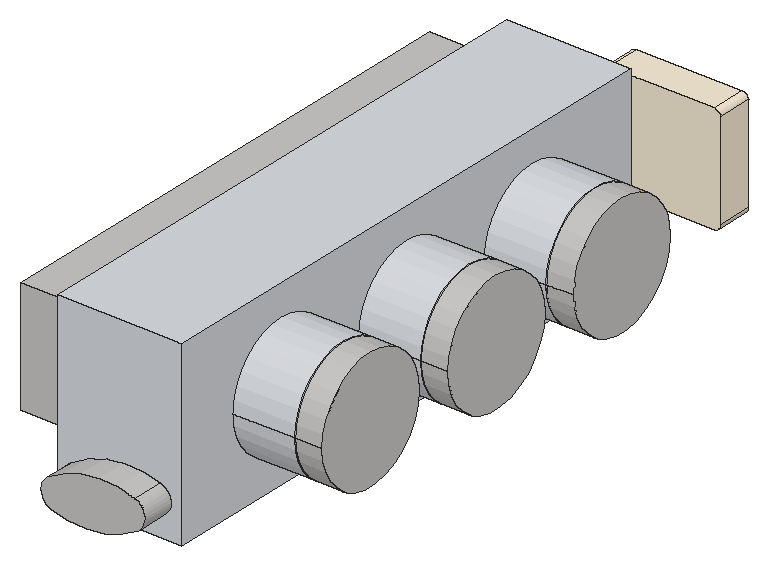
Revit family "HVAC_Ductwork_Airzone_Motorized-Plenum_Samsung_Standard_3-Dampers", category Mechanical Equipment, Revit 2016
Family settings
  Part Type = Normal
  Round Connector Dimension = Use Diameter
  OmniClass Number = 23.75.70.14
  OmniClass Title = Air Ductwork
  Work Plane-Based = No
  Always vertical = Yes
  Cut with Voids When Loaded = No
  Shared = No
  Room Calculation Point = No
Parameters (values of type "SAMST01S3")
  Voltage = 230 V
  URL = "www.airzone.es"
  Type Image Comments = "Image available in product documentation download"  # constant formula
  Revit Model Version = "1.0"  # constant formula
  Revit Model Author URL = "www.a3d.es"
  Revit Model Author = "A3D Consulting"  # constant formula
  Product Documentation Download URL = "http://doc.airzone.es/BIM/Easyzone/Samsung-Airzone_motorized_plenum.zip"
  Product Comments = "Refer to technical documentation for further details"  # constant formula
  Power Factor = 1
  Neck Width = 847.600 mm
  Neck Length = 95.000 mm
  Neck Height = 188.600 mm
  Material = Metal - AIRZONE - Galvanized Sheet - Semi-polished
  Main Control Board Material = Plastic - AIRZONE - Smooth - Off-white
  Load Classification = Other
  Insulated Body Width = 205.000 mm  # constant formula
  Insulated Body Material = Metal -AIRZONE - Insulating Lining -Aluminum Finish
  Insulated Body Length = 930.000 mm  # constant formula
  Insulated Body Height = 300.000 mm  # constant formula
  Flow [instance] = Damper 3 Air Flow + Damper 2 Air Flow + Damper 1 Air Flow - Fresh Air Inlet 2 Flow - Fresh Air Inlet 1 Flow  # 900 m³/h
  Fresh Air Inlet 1 Flow [instance] = 0 m³/h
  Fresh Air Inlet 2 Flow [instance] = 0 m³/h
  Fresh Air Inlet Connection Width = 175.000 mm
  Fresh Air Inlet Connection Height = 75.000 mm
  Model = "SAMST01S3"
  Neck Side Offset = 41.200 mm
  Neck Bottom Offset = 78.200 mm
  Type Image = <None>
  Manufacturer = "AIRZONE"  # constant formula
  Main Control Board Depth = 57.000 mm  # constant formula
  Main Control Board Width = 195.000 mm  # constant formula
  Main Control Board Height = 180.000 mm  # constant formula
  Fixing = ""
  Disclaimer = "All information provided in this model is reviewed before being published. However, Airzone cannot guarantee this model is error-free, therefore users are strongly encouraged to check for technical documentation and updates"  # constant formula
  Description = "Airzone standard motorized plenum with neck that mechanically adapts to the main ducted AC units of Samsung."
  Type Comments = ""
  Dampers Length = 149.000 mm  # constant formula
  Dampers Diameter = 200.000 mm  # constant formula
  Damper 1 Air Flow [instance] = 300 m³/h
  Damper 2 Air Flow [instance] = 300 m³/h
  Damper 3 Air Flow [instance] = 300 m³/h
  Fresh Air Inlet Connection Offset Height = 48.305 mm  # constant formula
  Compatible Accesories = ""
  Apparent Load = 57.5 VA
Types (4, lengths in mm): name | Neck Width | Neck Height | Model | Neck Side Offset | Neck Bottom Offset
  SAMST06M3 | 820.600 | 223.600 | "SAMST06M3" | 54.700 | 43.200
  SAMST05S3 | 847.600 | 188.600 | "SAMST05S3" | 41.200 | 78.200
  SAMST03M3 | 820.600 | 223.600 | "SAMST03M3" | 54.700 | 43.200
  SAMST01S3 | 847.600 | 188.600 | "SAMST01S3" | 41.200 | 78.200
Reference planes
  plane 1 "Center (Front/Back)": y = 0
  plane 2 "Center (Elevation)": z = 0
  plane 3 "Center (Left/Right)": x = 0
  plane 4 "Neck Back": y = 423.8
  plane 5 "Neck Front": y = -423.8
  plane 6 "Neck Top": z = 94.3
  plane 7 "Neck Bottom": z = -94.3
  plane 8 "Left": x = 95
  plane 9 "Bottom": z = -172.5
  plane 10 "Top": z = 127.5
  plane 11 "Front": y = -465
  plane 12 "Back": y = 465
  plane 13 "Right": x = 300
  plane 14 "Dampers Front": x = 449
  plane 15 "Dampers Center (Elevation)": z = -22.5
  plane 16 "Damper3": y = -260
  plane 17 "Damper2": y = 0
  plane 18 "Damper1": y = 260
  plane 19 "Middle": y = 0
  plane 20 "FreshAir Center (Elevation)": z = -124.195
  plane 21 "FreshAir1": y = 517.5
  plane 22 "FreshAir2": y = -517.5
  plane 23 "Dampers Lining": x = 404
  plane 24 "FreshAir Vertical Axis": x = 195.83
  plane 25 "ConnectionBox Side": x = 254
  plane 26 "Main Control Board Center (Left/Right)": x = 351.5
Forms (mm)
  Extrusion 1, solid, material "Metal - AIRZONE - Galvanized Sheet - Semi-polished" <- "Material"
    sketch origin (0, 0, 0) x (0, 1, 0) y (0, 0, 1)
      loop
        line (-423.8, 94.3) -> (-423.8, -94.3) -> (423.8, -94.3) -> (423.8, 94.3) -> (-423.8, 94.3)
    from 0 to 95
  Extrusion 2, solid, material "Metal -AIRZONE - Insulating Lining -Aluminum Finish" <- "Insulated Body Material"
    sketch origin (95, 0, 0) x (0, 1, 0) y (0, 0, 1)
      loop
        line (-465, 127.5) -> (-465, -172.5) -> (465, -172.5) -> (465, 127.5) -> (-465, 127.5)
    from 0 to 205
  Extrusion 3, solid, material "Metal - AIRZONE - Galvanized Sheet - Semi-polished" <- "Material"
    sketch origin (300, 0, 0) x (0, 1, 0) y (0, 0, 1)
      loop
        circle (-260, -22.5) r 100
    from 104 to 149
  Extrusion 4, solid, material "Metal - AIRZONE - Galvanized Sheet - Semi-polished" <- "Material"
    sketch origin (300, 0, 0) x (0, 1, 0) y (0, 0, 1)
      loop
        circle (0, -22.5) r 100
    from 104 to 149
  Extrusion 5, solid, material "Metal - AIRZONE - Galvanized Sheet - Semi-polished" <- "Material"
    sketch origin (300, 0, 0) x (0, 1, 0) y (0, 0, 1)
      loop
        circle (260, -22.5) r 100
    from 104 to 149
  Extrusion 6, solid, material "Metal - AIRZONE - Galvanized Sheet - Semi-polished" <- "Material"
    sketch origin (0, -465, 0) x (0, 0, 1) y (1, 0, 0)
      loop
        arc (-91.641, 265.204) -> (-113.108, 282.105) -> (-137.812, 270.434) r 25.96
        arc (-137.812, 270.434) -> (-163.802, 200.598) -> (-156.349, 126.456) r 164.67
        arc (-156.349, 126.456) -> (-135.165, 109.589) -> (-110.494, 120.751) r 25.96
        arc (-110.494, 120.751) -> (-84.225, 190.78) -> (-91.641, 265.204) r 164.67
    from 0 to -52.5
  Extrusion 7, solid, material "Metal - AIRZONE - Galvanized Sheet - Semi-polished" <- "Material"
    sketch origin (0, 465, 0) x (0, 0, 1) y (1, 0, 0)
      loop
        arc (-91.641, 265.204) -> (-112.825, 282.071) -> (-137.496, 270.909) r 25.96
        arc (-137.496, 270.909) -> (-163.679, 201.53) -> (-156.767, 127.699) r 164.67
        arc (-156.767, 127.699) -> (-135.532, 109.637) -> (-110.178, 121.226) r 25.96
        arc (-110.178, 121.226) -> (-84.188, 191.062) -> (-91.641, 265.204) r 164.67
    from 0 to 52.5
  Extrusion 8, solid, material "Metal -AIRZONE - Insulating Lining -Aluminum Finish" <- "Insulated Body Material"
    sketch origin (300, 0, 0) x (0, 1, 0) y (0, 0, 1)
      loop
        circle (260, -22.5) r 100
    from 0 to 104
  Extrusion 9, solid, material "Metal -AIRZONE - Insulating Lining -Aluminum Finish" <- "Insulated Body Material"
    sketch origin (300, -260, 0) x (0, 1, 0) y (0, 0, 1)
      loop
        circle (260, -22.5) r 100
    from 0 to 104
  Extrusion 10, solid, material "Metal -AIRZONE - Insulating Lining -Aluminum Finish" <- "Insulated Body Material"
    sketch origin (300, -520, 0) x (0, 1, 0) y (0, 0, 1)
      loop
        circle (260, -22.5) r 100
    from 0 to 104
Lines and regions (mm)
  Masking region 1
    outline origin (0, 0, 0) x (1, 0, 0) y (0, 1, 0)
      loop
        line (95, 465) -> (95, -465) -> (300, -465) -> (300, 465) -> (95, 465)
  Masking region 2, detail levels medium+fine
    outline origin (0, 0, 0) x (1, 0, 0) y (0, 1, 0)
      loop
        line (0, 423.8) -> (0, -423.8) -> (95, -423.8) -> (95, 423.8) -> (0, 423.8)
  Masking region 3, detail levels medium+fine
    outline origin (0, 0, 0) x (1, 0, 0) y (0, 1, 0)
      loop
        line (300, -160) -> (300, -360) -> (449, -360) -> (449, -160) -> (300, -160)
  Masking region 4, detail levels medium+fine
    outline origin (0, 260, 0) x (1, 0, 0) y (0, 1, 0)
      loop
        line (300, -160) -> (300, -360) -> (449, -360) -> (449, -160) -> (300, -160)
  Masking region 5, detail levels medium+fine
    outline origin (0, 520, 0) x (1, 0, 0) y (0, 1, 0)
      loop
        line (300, -160) -> (300, -360) -> (449, -360) -> (449, -160) -> (300, -160)
  Masking region 6, detail levels medium+fine
    outline origin (0, 0, -124.195) x (1, 0, 0) y (0, 1, 0)
      loop
        line (108.33, 517.5) -> (108.33, 465) -> (283.33, 465) -> (283.33, 517.5) -> (108.33, 517.5)
  Masking region 7, detail levels medium+fine
    outline origin (0, 0, -124.195) x (1, 0, 0) y (0, 1, 0)
      loop
        line (108.33, -465) -> (108.33, -517.5) -> (283.33, -517.5) -> (283.33, -465) -> (108.33, -465)
  Masking region 8, detail levels medium+fine
    outline origin (0, 0, 127.5) x (0, -1, 0) y (1, 0, 0)
      loop
        line (-522, 254) -> (-465, 254) -> (-465, 449) -> (-522, 449) -> (-522, 254)
  symbolic lines, detail levels coarse
    curve 1: line (95, -465, 0) -> (300, 0, 0)
    curve 2: line (300, 0, 0) -> (95, 465, 0)
Dimensions and locks
  equal spacing: plane 4 "Neck Back", plane 1 "Center (Front/Back)", plane 5 "Neck Front"
  "Neck Width": plane 4 "Neck Back" to plane 5 "Neck Front"
  equal spacing: plane 6 "Neck Top", level, plane 7 "Neck Bottom"
  "Neck Height": plane 6 "Neck Top" to plane 7 "Neck Bottom"
  "Neck Length": plane 3 "Center (Left/Right)" to plane 8 "Left"
  "Neck Bottom Offset": plane 7 "Neck Bottom" to plane 9 "Bottom"
  "Insulated Body Height": plane 10 "Top" to plane 9 "Bottom"
  "Insulated Body Length": plane 12 "Back" to plane 11 "Front"
  "Insulated Body Width": plane 8 "Left" to plane 13 "Right"
  "Dampers Length": plane 13 "Right" to plane 14 "Dampers Front"
  equal spacing: plane 10 "Top", plane 15 "Dampers Center (Elevation)", plane 9 "Bottom"
  plane 18 "Damper1" to plane 17 "Damper2" to plane 16 "Damper3" = 260.000 mm locked, 260.000 mm locked
  equal spacing: plane 12 "Back", plane 19 "Middle", plane 11 "Front"
  plane 8 "Left" to plane 13 "Right" = 205.000 mm
  "Fresh Air Inlet Connection Offset Height": plane 20 "FreshAir Center (Elevation)" to plane 9 "Bottom"
  locked: Extrusion 6 sketch curve to plane 9 "Bottom" at 56.47
  locked: plane 13 "Right" to Extrusion 6 sketch curve at 43.69
  locked: plane 13 "Right" to Extrusion 6 sketch curve at 164.65
  locked: Extrusion 6 sketch curve to plane 9 "Bottom" at 40.54
  locked: plane 13 "Right" to Extrusion 6 sketch curve at 87.91
  locked: plane 9 "Bottom" to Extrusion 6 sketch curve at 75.01
  locked: plane 13 "Right" to Extrusion 6 sketch curve at 120.43
  locked: Extrusion 6 sketch curve to plane 9 "Bottom" at 172.02
  locked: plane 13 "Right" to Extrusion 7 sketch curve at 43.69
  locked: Extrusion 7 sketch curve to plane 9 "Bottom" at 56.47
  locked: Extrusion 7 sketch curve to plane 9 "Bottom" at 40.54
  locked: plane 13 "Right" to Extrusion 7 sketch curve at 164.65
  locked: plane 13 "Right" to Extrusion 7 sketch curve at 120.43
  locked: Extrusion 7 sketch curve to plane 9 "Bottom" at 172.02
  locked: plane 9 "Bottom" to Extrusion 7 sketch curve at 75.01
  locked: plane 13 "Right" to Extrusion 7 sketch curve at 87.91
  "Neck Side Offset": plane 12 "Back" to plane 4 "Neck Back"
  equal spacing: plane 12 "Back", plane 17 "Damper2", plane 11 "Front"
  locked: plane 21 "FreshAir1" to plane 12 "Back" at 52.5
  plane 11 "Front" to plane 22 "FreshAir2" = 52.500 mm
  locked: connector elem to plane 13 "Right" at 104.17
  locked: plane 20 "FreshAir Center (Elevation)" to connector elem
  locked: plane 13 "Right" to connector elem at 104.17
  locked: connector elem to plane 20 "FreshAir Center (Elevation)"
  locked: plane 23 "Dampers Lining" to plane 14 "Dampers Front" at 45
  locked: plane 24 "FreshAir Vertical Axis" to plane 13 "Right" at 104.17
  equal spacing: Masking region 3 sketch curve, plane 16 "Damper3", Masking region 3 sketch curve
  "Dampers Diameter": Masking region 3 sketch curve to Masking region 3 sketch curve
  equal spacing: Masking region 4 sketch curve, plane 17 "Damper2", Masking region 4 sketch curve
  "Dampers Diameter": Masking region 4 sketch curve to Masking region 4 sketch curve
  equal spacing: Masking region 5 sketch curve, plane 18 "Damper1", Masking region 5 sketch curve
  "Dampers Diameter": Masking region 5 sketch curve to Masking region 5 sketch curve
  equal spacing: Masking region 6 sketch curve, plane 24 "FreshAir Vertical Axis", Masking region 6 sketch curve
  "Fresh Air Inlet Connection Width": Masking region 6 sketch curve to Masking region 6 sketch curve
  equal spacing: Masking region 7 sketch curve, plane 24 "FreshAir Vertical Axis", Masking region 7 sketch curve
  "Fresh Air Inlet Connection Width": Masking region 7 sketch curve to Masking region 7 sketch curve
  "Main Control Board Depth": Masking region 8 sketch curve to plane 12 "Back"
  "Main Control Board Width": plane 25 "ConnectionBox Side" to plane 14 "Dampers Front"
  equal spacing: plane 25 "ConnectionBox Side", plane 26 "Main Control Board Center (Left/Right)", plane 14 "Dampers Front"
  locked: nested 1 to plane 10 "Top" at 10
  "Dampers Diameter": diameter of Extrusion 3 sketch curve
  "Dampers Diameter": diameter of Extrusion 4 sketch curve
  "Dampers Diameter": diameter of Extrusion 5 sketch curve
  radius of Extrusion 7 sketch curve = 164.670 mm  (x2)
  radius of Extrusion 7 sketch curve = 25.960 mm  (x2)
  radius of Extrusion 6 sketch curve = 164.670 mm  (x2)
  radius of Extrusion 6 sketch curve = 25.960 mm  (x2)
  "Dampers Diameter": diameter of Extrusion 8 sketch curve
  "Dampers Diameter": diameter of Extrusion 9 sketch curve
  "Dampers Diameter": diameter of Extrusion 10 sketch curve
  aligned and locked: level to plane 2 "Center (Elevation)"
  aligned and locked: plane 5 "Neck Front" to Extrusion 1 sketch curve
  aligned and locked: Extrusion 1 sketch curve to plane 6 "Neck Top"
  aligned and locked: Extrusion 1 sketch curve to plane 4 "Neck Back"
  aligned and locked: plane 7 "Neck Bottom" to Extrusion 1 sketch curve
  aligned and locked: Extrusion 1 to plane 3 "Center (Left/Right)"
  aligned and locked: Extrusion 2 sketch curve to plane 10 "Top"
  aligned and locked: Extrusion 2 sketch curve to plane 12 "Back"
  aligned and locked: plane 9 "Bottom" to Extrusion 2 sketch curve
  aligned and locked: plane 11 "Front" to Extrusion 2 sketch curve
  aligned and locked: plane 13 "Right" to Extrusion 2
  aligned and locked: Extrusion 2 to plane 8 "Left"
  aligned and locked: plane 16 "Damper3" to Extrusion 3 sketch curve
  aligned and locked: plane 15 "Dampers Center (Elevation)" to Extrusion 3 sketch curve
  aligned and locked: plane 17 "Damper2" to Extrusion 4 sketch curve
  aligned and locked: plane 15 "Dampers Center (Elevation)" to Extrusion 4 sketch curve
  aligned and locked: plane 18 "Damper1" to Extrusion 5 sketch curve
  aligned and locked: plane 15 "Dampers Center (Elevation)" to Extrusion 5 sketch curve
  aligned and locked: plane 14 "Dampers Front" to Extrusion 5
  aligned and locked: plane 14 "Dampers Front" to Extrusion 4
  aligned and locked: plane 14 "Dampers Front" to Extrusion 3
  aligned and locked: plane 8 "Left" to Extrusion 1
  aligned and locked: plane 22 "FreshAir2" to Extrusion 6
  aligned and locked: plane 21 "FreshAir1" to Extrusion 7
  aligned and locked: Extrusion 7 to plane 12 "Back"
  aligned and locked: plane 11 "Front" to Extrusion 6
  aligned and locked: Extrusion 5 to plane 23 "Dampers Lining"
  aligned and locked: Extrusion 5 to Extrusion 4
  aligned and locked: Extrusion 4 to Extrusion 3
  aligned and locked: plane 23 "Dampers Lining" to Extrusion 8
  aligned and locked: Extrusion 10 to plane 13 "Right"
  aligned and locked: plane 23 "Dampers Lining" to Extrusion 10
  aligned and locked: Extrusion 9 to plane 13 "Right"
  aligned and locked: plane 23 "Dampers Lining" to Extrusion 9
  aligned and locked: Extrusion 8 to plane 13 "Right"
  aligned and locked: Extrusion 9 to Extrusion 8
  aligned and locked: plane 18 "Damper1" to Extrusion 8 sketch curve
  aligned and locked: plane 15 "Dampers Center (Elevation)" to Extrusion 8 sketch curve
  aligned and locked: plane 17 "Damper2" to Extrusion 9 sketch curve
  aligned and locked: plane 15 "Dampers Center (Elevation)" to Extrusion 9 sketch curve
  aligned and locked: plane 16 "Damper3" to Extrusion 10 sketch curve
  aligned and locked: plane 15 "Dampers Center (Elevation)" to Extrusion 10 sketch curve
  aligned and locked: Masking region 1 sketch curve to plane 12 "Back"
  aligned and locked: plane 8 "Left" to Masking region 1 sketch curve
  aligned and locked: Masking region 1 sketch curve to plane 13 "Right"
  aligned and locked: plane 11 "Front" to Masking region 1 sketch curve
  aligned and locked: plane 5 "Neck Front" to Masking region 2 sketch curve
  aligned and locked: plane 3 "Center (Left/Right)" to Masking region 2 sketch curve
  aligned and locked: Masking region 2 sketch curve to plane 4 "Neck Back"
  aligned and locked: Masking region 2 sketch curve to plane 8 "Left"
  aligned and locked: plane 13 "Right" to Masking region 3 sketch curve
  aligned and locked: Masking region 3 sketch curve to plane 14 "Dampers Front"
  aligned and locked: plane 13 "Right" to Masking region 4 sketch curve
  aligned and locked: Masking region 4 sketch curve to plane 14 "Dampers Front"
  aligned and locked: plane 13 "Right" to Masking region 5 sketch curve
  aligned and locked: Masking region 5 sketch curve to plane 14 "Dampers Front"
  aligned and locked: plane 12 "Back" to Masking region 6 sketch curve
  aligned and locked: Masking region 6 sketch curve to plane 21 "FreshAir1"
  aligned and locked: Masking region 7 sketch curve to plane 11 "Front"
  aligned and locked: Masking region 7 sketch curve to plane 22 "FreshAir2"
  aligned and locked: plane 12 "Back" to Masking region 8 sketch curve
  aligned and locked: Masking region 8 sketch curve to plane 14 "Dampers Front"
  aligned and locked: plane 25 "ConnectionBox Side" to Masking region 8 sketch curve
  aligned and locked: nested 1 to plane 26 "Main Control Board Center (Left/Right)"
Automatic sketch dimensions
  curve 2 to plane 8 "Left" = 0.000 mm
  curve 1 to plane 8 "Left" = 0.000 mm
  curve 1 to plane 13 "Right" = 0.000 mm
  curve 1 to plane 11 "Front" = 0.000 mm
  curve 2 to plane 17 "Damper2" = 0.000 mm
  curve 2 to plane 12 "Back" = 0.000 mm
Nested families
  nested 1: "Airzone_Main-Control-Board" at (351.5, 465, 27.5) x (-1, 0, 0) z (0, 1, 0), Extrusion <- "Main Control Board Depth", Height <- "Main Control Board Height", Width <- "Main Control Board Width", Material <- "Main Control Board Material", type "Standard"
    with Width 195.000 mm, Material Plastic - AIRZONE - Smooth - Off-white, Height 180.000 mm, Extrusion 57.000 mm
Connectors
  hvac at (449, -260, -22.5), driven by "Damper 3 Air Flow", driven by "Dampers Diameter"
    settings: on Extrusion 3, index 1, duct flow 300 m³/h, flow factor 0, pres drop 0.0 Pa, loss coef 0, conn angle 0.00°, conn width 304.8 mm, conn height 304.8 mm, conn diameter 200 mm, duct sys type 1, conn prof type 0, flow config 0, flow direction 2, loss method 0, conn ref index -1, conn util no, is conn primary no, conn desc "Supply Air Out 3"
  hvac at (449, 0, -22.5), driven by "Damper 2 Air Flow", driven by "Dampers Diameter"
    settings: on Extrusion 4, index 2, duct flow 300 m³/h, flow factor 0, pres drop 0.0 Pa, loss coef 0, conn angle 0.00°, conn width 304.8 mm, conn height 304.8 mm, conn diameter 200 mm, duct sys type 1, conn prof type 0, flow config 0, flow direction 2, loss method 0, conn ref index -1, conn util no, is conn primary no, conn desc "Supply Air Out 2"
  hvac at (449, 260, -22.5), driven by "Damper 1 Air Flow", driven by "Dampers Diameter"
    settings: on Extrusion 5, index 3, duct flow 300 m³/h, flow factor 0, pres drop 0.0 Pa, loss coef 0, conn angle 0.00°, conn width 304.8 mm, conn height 304.8 mm, conn diameter 200 mm, duct sys type 1, conn prof type 0, flow config 0, flow direction 2, loss method 0, conn ref index -1, conn util no, is conn primary no, conn desc "Supply Air Out 1"
  hvac at (0, 0, 0), driven by "Flow", driven by "Neck Height", driven by "Neck Width"
    settings: on Extrusion 1, index 6, duct flow 900 m³/h, flow factor 0, pres drop 0.0 Pa, loss coef 0, conn angle 0.00°, conn width 847.6 mm, conn height 188.6 mm, conn diameter 609.6 mm, duct sys type 1, conn prof type 1, flow config 1, flow direction 1, loss method 0, conn ref index -1, conn util no, is conn primary yes, conn desc "Supply Air In"
  hvac at (195.83, -517.5, -124.195), driven by "Fresh Air Inlet 2 Flow", driven by "Fresh Air Inlet Connection Width", driven by "Fresh Air Inlet Connection Height"
    settings: index 7, duct flow 0 m³/h, flow factor 0, pres drop 0.0 Pa, loss coef 0, conn angle 0.00°, conn width 175 mm, conn height 75 mm, conn diameter 609.6 mm, duct sys type 1, conn prof type 2, flow config 1, flow direction 1, loss method 0, conn ref index -1, conn util no, is conn primary no, conn desc "Fresh Air In 2"
  hvac at (195.83, 517.5, -124.195), driven by "Fresh Air Inlet 1 Flow", driven by "Fresh Air Inlet Connection Height", driven by "Fresh Air Inlet Connection Width"
    settings: index 8, duct flow 0 m³/h, flow factor 0, pres drop 0.0 Pa, loss coef 0, conn angle 0.00°, conn width 175 mm, conn height 75 mm, conn diameter 609.6 mm, duct sys type 1, conn prof type 2, flow config 1, flow direction 1, loss method 0, conn ref index -1, conn util no, is conn primary no, conn desc "Fresh Air In 1"
  electrical at (351.5, 522, 27.5), driven by "Load Classification", driven by "Voltage", driven by "Apparent Load", driven by "Power Factor"
    settings: on nested 1, index 9, voltage 230 V, apparent load 57.5 VA, apparent load phase1 0 VA, apparent load phase2 0 VA, apparent load phase3 0 VA, power factor 1, load classification "Other", number of poles 1, system type 30, power factor state 1, is connector primary yes, connector utility no, sub classification motor no, connector description "Power Supply"
Definition of nested family "Airzone_Main-Control-Board"
  Parameters (values of type "Standard")
    Width [instance] = 195.000 mm
    URL = "www.airzone.es"
    Revit Model Version = "1.0"  # constant formula
    Revit Model Author URL = "www.a3d.es"
    Revit Model Author = "A3D Consulting"  # constant formula
    Material [instance] = none
    Manufacturer = "AIRZONE"  # constant formula
    Height [instance] = 180.000 mm
    Extrusion [instance] = 57.000 mm
    Default Elevation = 0.000 mm
  Reference planes
    plane 1 "Center (Front/Back)": y = 0
    plane 2: z = 0
    plane 3 "Center (Left/Right)": x = 0
    plane 4: y = 90
    plane 5: y = -90
    plane 6: x = 97.5
    plane 7: x = -97.5
  Forms (mm)
    Extrusion 1, solid, material <- "Material"
      sketch origin (0, 0, 0) x (1, 0, 0) y (0, 1, 0)
        loop
          arc (-87.5, 90) -> (-94.571, 87.071) -> (-97.5, 80) r 10
          line (-97.5, 80) -> (-97.5, -80)
          arc (-97.5, -80) -> (-94.571, -87.071) -> (-87.5, -90) r 10
          line (-87.5, -90) -> (87.5, -90)
          arc (87.5, -90) -> (94.571, -87.071) -> (97.5, -80) r 10
          line (97.5, -80) -> (97.5, 80)
          arc (97.5, 80) -> (94.571, 87.071) -> (87.5, 90) r 10
          line (87.5, 90) -> (-87.5, 90)
      from 0 to 57 <- "Extrusion"
  Dimensions and locks
    equal spacing: plane 7, plane 3 "Center (Left/Right)", plane 6
    equal spacing: plane 4, plane 1 "Center (Front/Back)", plane 5
    "Width": plane 7 to plane 6
    "Height": plane 4 to plane 5
    radius of Extrusion 1 sketch curve = 10.000 mm  (x4)
    aligned and locked: level to plane 2
    aligned and locked: plane 5 to Extrusion 1 sketch curve
    aligned and locked: Extrusion 1 sketch curve to plane 6
    aligned and locked: Extrusion 1 sketch curve to plane 4
    aligned and locked: plane 7 to Extrusion 1 sketch curve
